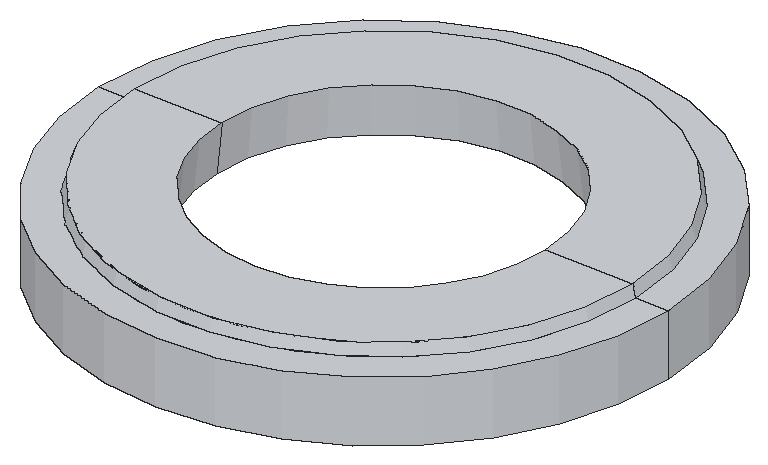
Revit family "110301-00156 Кольцо опорное КО-Ч", category Обобщенные модели, Revit 2019
Family settings
  Может служить основой для арматурных стержней = Нет
  Размер круглого соединителя = Использовать диаметр
  Тип детали = Нормальный
  На основе рабочей плоскости = Нет
  Всегда вертикально = Да
  При загрузке вырезать с полостями = Нет
  Общий = Нет
  Точка расчета площади = Нет
Parameters (values of type "Кольцо опорное КО-Ч")
  ADSK_Ссылка на сайт = "https://www.ssd.ru/koltso-opornoe-ko-ch"
  ADSK_Сертификат соответствия = "https://www.ssd.ru/upload/iblock/83a/sert_b20_0221.pdf"
  ADSK_Наименование = "Кольцо опорное КО-Ч"
  ADSK_Масса = "117"
  ADSK_Марка = "Кольца, сегменты"
  ADSK_Код изделия = "110301-00156"
  ADSK_Класс бетона = "В20"
  ADSK_Изготовитель = "АО \"СВЯЗЬСТРОЙДЕТАЛЬ\""
  ADSK_Длина [instance] = 1020 mm
  ADSK_Ширина = 1020 mm
  ADSK_Высота = 130 mm
Reference planes
  plane 1 "По центру (Вперед/Назад)": y = 0
  plane 2: z = 0
  plane 3 "По центру (Влево/Вправо)": x = 0
  plane 4: x = -510
  plane 5: x = 510
  plane 6: y = 510
  plane 7: y = -510
  plane 8: z = 130
Forms (mm)
  Revolve 1, solid
    sketch origin (0, 0, 0.684) x (1, 0, 0) y (0, 0, 1)
      loop
        line (510, -0.684) -> (510, 109.397) -> (451.822, 109.397) -> (445.087, 129.316) -> (290.087, 129.316) -> (299.531, 44.316) -> (455, 44.316) -> (460, -0.684) -> (510, -0.684)
      axis (0, 129.316) -> (0, -0.684)
    angle from 0 to 360
Dimensions and locks
  "ADSK_Длина": plane 4 to plane 5
  equal spacing: plane 4, plane 3 "По центру (Влево/Вправо)", plane 5
  equal spacing: plane 6, plane 1 "По центру (Вперед/Назад)", plane 7
  Revolve 1 to Revolve 1 = 110.081 mm
  Revolve 1 to Revolve 1 = 130 mm
  "ADSK_Ширина": plane 6 to plane 7
  "ADSK_Высота": plane 8 to level
  aligned and locked: level to plane 2
Automatic sketch dimensions
  Revolve 1 sketch curve to plane 3 "По центру (Влево/Вправо)" = 0 mm
  Revolve 1 sketch curve to plane 5 = 0 mm
  Revolve 1 sketch curve to plane 5 = 219.913 mm
  Revolve 1 sketch curve to Revolve 1 sketch curve = 9.444 mm
  Revolve 1 sketch curve to plane 5 = 64.913 mm
  Revolve 1 sketch curve to plane 5 = 55 mm
  Revolve 1 sketch curve to Revolve 1 sketch curve = 6.736 mm
  level to Revolve 1 sketch curve = 0 mm
  Revolve 1 sketch curve to Revolve 1 sketch curve = 5 mm
  level to Revolve 1 sketch curve = 45 mm
  Revolve 1 sketch curve to Revolve 1 sketch curve = 65.081 mm
  Revolve 1 sketch curve to Revolve 1 sketch curve = 19.919 mm
  Revolve 1 sketch curve to level = 140 mm
  level to Revolve 1 sketch curve = 235 mm
